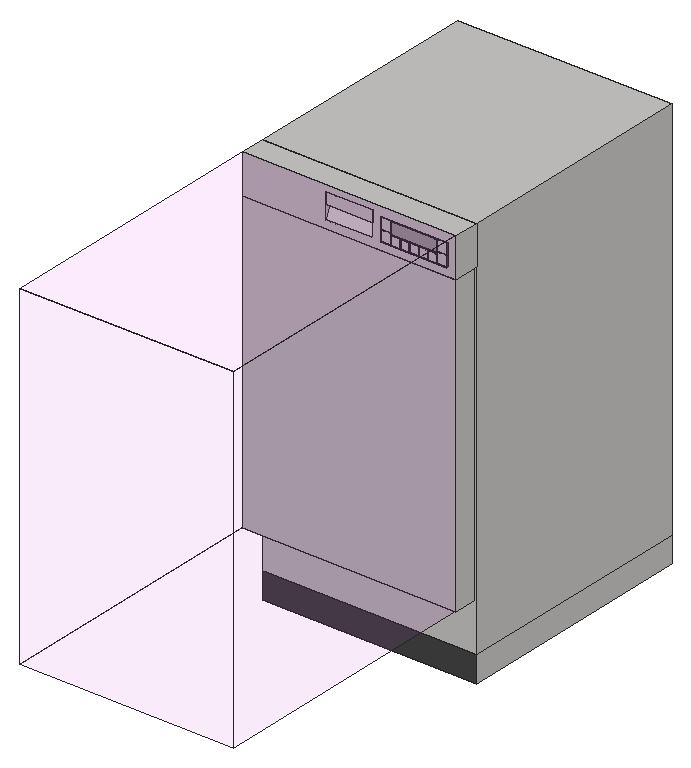
Revit family "QF_Summit_DW18SS4_Dishwasher", category Specialty Equipment, Revit 2020
Family settings
  Round Connector Dimension = Use Diameter
  Part Type = Normal
  Work Plane-Based = No
  Always vertical = Yes
  Cut with Voids When Loaded = No
  Shared = No
  Room Calculation Point = No
Parameters
  Weight in Pounds = 95
  Watts = if(Phase = 3, Volts * FL Amps * 1.73, Volts * FL Amps)  # 1380 W
  Waste Water Discharge Temperature = -459.67 °F
  Volts = 115 V
  URL Cutsheet = ""
  Specification by User = ""
  Specification by Manufacturer = ""
  Show Legs [instance] = yes
  Show Door Clearance [instance] = yes
  Show Default Legs [instance] = not(Show Legs)  # no
  Serial Number = ""
  Seismic Rating = ""
  SMACNA No = ""
  Revision Code = ""
  Plumbing Remarks = ""
  Plumbing Connection Type = ""
  Phase = 1
  Number of Poles = 1
  NAFEM Spec ID Number = ""
  Model = "DW18SS4"
  Min Ckt Ampacity = 0 A
  Max Overcurrent Protection = 0 A
  Masterspec = ""
  Manufacturer = "Summit"
  Length = 17 3/4"
  Item Number = ""
  Installed By = ""
  Indirect Waste Size = 1/2"
  Indirect Waste Flow = 0 GPM
  Indirect Waste Connection Type = ""
  Indirect Waste Connection Height = 0"
  Identify Quantity as Lot = yes
  Height [instance] = if(Show Default Legs, 32 1/2", 34 1/4")  # 34 1/4"
  HP = ""
  Furnished By = ""
  Foodservice Equipment Identifier = yes
  FL Amps = 12 A
  Electrical Remarks = ""
  Electric Connection Type = ""
  Elec Conn RI Height = 0"
  Elec Conn Connection Height = 0"
  Description = "Dishwasher"
  Depth = 22 3/8"
  Default Elevation = 0"
  Cycle = 60 Hz
  Conn Plug = ""
  Conn Conduit = yes
  Cold Water Temperature Recommended = -459.67 °F
  Cold Water Size = 1/2"
  Cold Water RI Height = 0"
  Cold Water Minimum Pressure = 0.00 psi
  Cold Water Maximum Pressure = 0.00 psi
  Cold Water Flow = 0 GPM
  Cold Water Consumption = ""
  Cold Water Connection Height = 0"
  CSI MasterFormat = ""
  Apparent Power = if(Phase = 3, Volts * FL Amps * 1.73, Volts * FL Amps)  # 1380 VA
Reference planes (in)
  plane 1 "BACK": y = 0
  plane 2: z = 0
  plane 3 "LEFT": x = 0
  plane 4 "RIGHT": x = 17.75
  plane 5 "FRONT": y = -22.375
  plane 6 "TOP": z = 34.25
  plane 7 "Center Y": x = 8.875
  plane 8 "Center X": y = -11.1875
  plane 9: y = -20.25
  plane 10: y = -45.5
  plane 11: z = 1.75
  plane 12: z = 2.125
  plane 13: z = 6.25
  plane 14: z = 31
Forms (in)
  Revolve 1, solid, material "QF_Metal_Stainless_Polished", visible <- "Show Default Legs"
    sketch origin (0, -2, 0) x (1, 0, 0) y (0, 0, 1)
      loop
        line (1.73437, 1.75) -> (1.73437, 2.125) -> (1.1733, 2.125) -> (1.1733, 2) -> (1, 2) -> (1, 1.75) -> (1.73437, 1.75)
      axis (1.73437, 2.125) -> (1.73437, 1.75)
    angle from 0 to 360
  Revolve 2, solid, material "QF_Metal_Stainless_Polished", visible <- "Show Default Legs"
    sketch origin (0, -18.25, 0) x (1, 0, 0) y (0, 0, 1)
      loop
        line (1.73437, 1.75) -> (1.73437, 2.125) -> (1.1733, 2.125) -> (1.1733, 2) -> (1, 2) -> (1, 1.75) -> (1.73437, 1.75)
      axis (1.73437, 2.125) -> (1.73437, 1.75)
    angle from 0 to 360
  Revolve 3, solid, material "QF_Metal_Stainless_Polished", visible <- "Show Legs"
    sketch origin (0, -2, 0) x (1, 0, 0) y (0, 0, 1)
      loop
        line (1, 0) -> (1.73437, 0) -> (1.73437, 2.125) -> (1.1733, 2.125) -> (1.1733, 0.25) -> (1, 0.25) -> (1, 0)
      axis (1.73437, 2.125) -> (1.73437, 0)
    angle from 0 to 360
  Revolve 4, solid, material "QF_Metal_Stainless_Polished", visible <- "Show Legs"
    sketch origin (0, -18.25, 0) x (1, 0, 0) y (0, 0, 1)
      loop
        line (1, 0) -> (1.73437, 0) -> (1.73437, 2.125) -> (1.1733, 2.125) -> (1.1733, 0.25) -> (1, 0.25) -> (1, 0)
      axis (1.73437, 2.125) -> (1.73437, 0)
    angle from 0 to 360
  Extrusion 5, solid, material "QF_Metal_Stainless_Polished", visible <- "Show Legs"
    sketch origin (0, 0, 0) x (1, 0, 0) y (0, 1, 0)
      loop
        line (0, 0) -> (0, -20.25) -> (17.75, -20.25) -> (17.75, 0) -> (0, 0)
      loop
        line (0.0625, -20.1875) -> (17.6875, -20.1875) -> (17.6875, -0.0625) -> (0.0625, -0.0625) -> (0.0625, -20.1875)
    from 0 to 2.125
  Revolve 6, solid, material "QF_Metal_Stainless_Polished", visible <- "Show Default Legs"
    sketch origin (17.75, -2, 0) x (-1, 0, 0) y (0, 0, -1)
      loop
        line (1.73437, -1.75) -> (1, -1.75) -> (1, -2) -> (1.1733, -2) -> (1.1733, -2.125) -> (1.73437, -2.125) -> (1.73437, -1.75)
      axis (1.73437, -2.125) -> (1.73437, -1.75)
    angle from 0 to 360
  Revolve 7, solid, material "QF_Metal_Stainless_Polished", visible <- "Show Default Legs"
    sketch origin (17.75, -18.25, 0) x (-1, 0, 0) y (0, 0, -1)
      loop
        line (1.73437, -1.75) -> (1, -1.75) -> (1, -2) -> (1.1733, -2) -> (1.1733, -2.125) -> (1.73437, -2.125) -> (1.73437, -1.75)
      axis (1.73437, -2.125) -> (1.73437, -1.75)
    angle from 0 to 360
  Revolve 8, solid, material "QF_Metal_Stainless_Polished", visible <- "Show Legs"
    sketch origin (17.75, -2, 0) x (-1, 0, 0) y (0, 0, -1)
      loop
        line (1, 0) -> (1, -0.25) -> (1.1733, -0.25) -> (1.1733, -2.125) -> (1.73437, -2.125) -> (1.73437, 0) -> (1, 0)
      axis (1.73437, -2.125) -> (1.73437, 0)
    angle from 0 to 360
  Revolve 9, solid, material "QF_Metal_Stainless_Polished", visible <- "Show Legs"
    sketch origin (17.75, -18.25, 0) x (-1, 0, 0) y (0, 0, -1)
      loop
        line (1, 0) -> (1, -0.25) -> (1.1733, -0.25) -> (1.1733, -2.125) -> (1.73437, -2.125) -> (1.73437, 0) -> (1, 0)
      axis (1.73437, -2.125) -> (1.73437, 0)
    angle from 0 to 360
Dimensions and locks (in)
  equal spacing: plane 3 "LEFT", plane 7 "Center Y", plane 4 "RIGHT"
  "Length": plane 3 "LEFT" to plane 4 "RIGHT"
  equal spacing: plane 5 "FRONT", plane 8 "Center X", plane 1 "BACK"
  "Depth": plane 5 "FRONT" to plane 1 "BACK"
  "Height": plane 6 "TOP" to level
  plane 9 to plane 1 "BACK" = 20 1/4"
  plane 10 to plane 1 "BACK" = 45 1/2"
  plane 6 "TOP" to plane 11 = 32 1/2"
  plane 6 "TOP" to plane 13 = 28"
  plane 12 to plane 11 = 3/8"
  plane 4 "RIGHT" to plane 3 "LEFT" = 17 3/4"
  plane 6 "TOP" to plane 14 = 3 1/4"
  aligned and locked: level to plane 2
  aligned and locked: plane 1 "BACK" to nested 1
  aligned and locked: plane 3 "LEFT" to nested 1
  aligned and locked: plane 12 to Extrusion 5
  aligned and locked: plane 12 to nested 1
Automatic sketch dimensions
  Revolve 1 sketch curve to plane 11 = 0"  (x2)
  Revolve 1 sketch curve to plane 12 = 0"
  Revolve 1 sketch curve to plane 12 = 1/8"
  plane 3 "LEFT" to Revolve 1 sketch curve = 1"
  Revolve 1 sketch curve to Revolve 1 sketch curve = 0.1733"
  Revolve 1 sketch curve to Revolve 1 sketch curve = 0.56107"
  Revolve 1 sketch curve to Revolve 1 sketch curve = 0"
  Revolve 1 sketch curve to plane 11 = 1/4"
  Revolve 2 sketch curve to plane 11 = 0"  (x2)
  Revolve 2 sketch curve to plane 12 = 0"
  Revolve 2 sketch curve to plane 12 = 1/8"
  plane 3 "LEFT" to Revolve 2 sketch curve = 1"
  Revolve 2 sketch curve to Revolve 2 sketch curve = 0.1733"
  Revolve 2 sketch curve to Revolve 2 sketch curve = 0.56107"
  Revolve 2 sketch curve to Revolve 2 sketch curve = 0"
  Revolve 2 sketch curve to plane 11 = 1/4"
  Revolve 3 sketch curve to level = 0"  (x2)
  Revolve 3 sketch curve to plane 12 = 0"
  plane 3 "LEFT" to Revolve 3 sketch curve = 1"
  plane 3 "LEFT" to Revolve 3 sketch curve = 1.1733"
  Revolve 3 sketch curve to Revolve 3 sketch curve = 0.56107"
  level to Revolve 3 sketch curve = 1/4"
  Revolve 3 sketch curve to Revolve 3 sketch curve = 0"
  Revolve 3 sketch curve to level = 1"
  Revolve 4 sketch curve to level = 0"  (x2)
  Revolve 4 sketch curve to plane 12 = 0"
  plane 3 "LEFT" to Revolve 4 sketch curve = 1"
  plane 3 "LEFT" to Revolve 4 sketch curve = 1.1733"
  Revolve 4 sketch curve to Revolve 4 sketch curve = 0.56107"
  level to Revolve 4 sketch curve = 1/4"
  Revolve 4 sketch curve to Revolve 4 sketch curve = 0"
  Revolve 4 sketch curve to level = 1"
  Extrusion 5 sketch curve to plane 3 "LEFT" = 0"
  Extrusion 5 sketch curve to plane 4 "RIGHT" = 0"
  Extrusion 5 sketch curve to plane 9 = 0"
  plane 1 "BACK" to Extrusion 5 sketch curve = 0"
  plane 3 "LEFT" to Extrusion 5 sketch curve = 1/16"
  plane 4 "RIGHT" to Extrusion 5 sketch curve = 1/16"
  plane 9 to Extrusion 5 sketch curve = 1/16"
  plane 1 "BACK" to Extrusion 5 sketch curve = 1/16"
  Revolve 6 sketch curve to plane 11 = 0"  (x2)
  Revolve 6 sketch curve to plane 12 = 0"
  Revolve 6 sketch curve to plane 12 = 1/8"
  plane 4 "RIGHT" to Revolve 6 sketch curve = 1"
  Revolve 6 sketch curve to Revolve 6 sketch curve = 0.1733"
  Revolve 6 sketch curve to Revolve 6 sketch curve = 0.56107"
  Revolve 6 sketch curve to Revolve 6 sketch curve = 0"
  Revolve 6 sketch curve to plane 11 = 1/4"
  Revolve 7 sketch curve to plane 11 = 0"  (x2)
  Revolve 7 sketch curve to plane 12 = 0"
  Revolve 7 sketch curve to plane 12 = 1/8"
  plane 4 "RIGHT" to Revolve 7 sketch curve = 1"
  Revolve 7 sketch curve to Revolve 7 sketch curve = 0.1733"
  Revolve 7 sketch curve to Revolve 7 sketch curve = 0.56107"
  Revolve 7 sketch curve to Revolve 7 sketch curve = 0"
  Revolve 7 sketch curve to plane 11 = 1/4"
  Revolve 8 sketch curve to level = 0"  (x2)
  Revolve 8 sketch curve to plane 12 = 0"
  plane 4 "RIGHT" to Revolve 8 sketch curve = 1"
  plane 4 "RIGHT" to Revolve 8 sketch curve = 1.1733"
  Revolve 8 sketch curve to Revolve 8 sketch curve = 0.56107"
  level to Revolve 8 sketch curve = 1/4"
  Revolve 8 sketch curve to Revolve 8 sketch curve = 0"
  Revolve 8 sketch curve to Revolve 8 sketch curve = 1"
  Revolve 9 sketch curve to level = 0"  (x2)
  Revolve 9 sketch curve to plane 12 = 0"
  plane 4 "RIGHT" to Revolve 9 sketch curve = 1"
  plane 4 "RIGHT" to Revolve 9 sketch curve = 1.1733"
  Revolve 9 sketch curve to Revolve 9 sketch curve = 0.56107"
  level to Revolve 9 sketch curve = 1/4"
  Revolve 9 sketch curve to Revolve 9 sketch curve = 0"
  Revolve 9 sketch curve to Revolve 9 sketch curve = 1"
Nested families (in)
  nested 1: "DW18SS4" at (0, 0, 0), Show Door Clearance <- "Show Door Clearance", type "DW18SS4"
    with Show Door Clearance yes, Height 34 1/4"
Connectors (in)
  electrical at (3.03371, 0.25, 3.73901), driven by "Volts", driven by "Watts"
    settings: on nested 1, index 1, voltage 115 V, apparent load 1380 VA, apparent load phase1 0 VA, apparent load phase2 0 VA, apparent load phase3 0 VA, power factor 1, load classification "Other", number of poles 1, system type 30, power factor state 1, is connector primary yes, connector utility no, sub classification motor no, connector description "Electrical Connection"
  piping at (8.875, 0.25, 3.73901), diameter 0.5
    settings: on nested 1, index 2, connector inside diameter 24", connector length 0", flow factor 0, pipe flow 0 GPM, pressure drop 0.00 psi, fitting loss kfactor 0, connector angle 0.00°, fixture units 0, engagement length 0", angle of deflection 0.00°, flow configuration 1, flow direction 2, fitting loss method 0, system type 16, joint type 0, gender type 0, connector reference index -1, connector utility 0, adjustable connector no, is connector primary yes, connector description "Drain Connection"
  piping at (11.28371, 0.25, 3.73901), diameter 0.5
    settings: on nested 1, index 3, connector inside diameter 24", connector length 0", flow factor 0, pipe flow 0 GPM, pressure drop 0.00 psi, fitting loss kfactor 0, connector angle 0.00°, fixture units 0, engagement length 0", angle of deflection 0.00°, flow configuration 1, flow direction 1, fitting loss method 0, system type 20, joint type 0, gender type 0, connector reference index -1, connector utility 0, adjustable connector no, is connector primary no, connector description "Water Connection"
Definition of nested family "DW18SS4"
  Parameters (values of type "DW18SS4")
    Weight in Pounds = 0
    Watts = if(Phase = 3, Volts * FL Amps * 1.73, Volts * FL Amps)  # 0 W
    Volts = 0 V
    URL Cutsheet = ""
    Specification by User = ""
    Specification by Manufacturer = ""
    Show Door Clearance [instance] = yes
    Serial Number = ""
    Seismic Rating = ""
    SMACNA No = ""
    Revision Code = ""
    Phase = 0
    Number of Poles = 1
    NAFEM Spec ID Number = ""
    Min Ckt Ampacity = 0 A
    Max Overcurrent Protection = 0 A
    Masterspec = ""
    Length = 17 3/4"
    Item Number = ""
    Installed By = ""
    Identify Quantity as Lot = yes
    Height [instance] = 34 1/4"
    HP = ""
    Furnished By = ""
    Foodservice Equipment Identifier = yes
    FL Amps = 0 A
    Electrical Remarks = ""
    Electric Connection Type = ""
    Elec Conn RI Height = 0"
    Elec Conn Connection Height = 0"
    Depth = 22 3/8"
    Default Elevation = 0"
    Cycle = 0 Hz
    Conn Plug = ""
    Conn Conduit = yes
    CSI MasterFormat = ""
    Apparent Power = if(Phase = 3, Volts * FL Amps * 1.73, Volts * FL Amps)  # 0 VA
  Reference planes (in)
    plane 1 "BACK": y = 0
    plane 2: z = 0
    plane 3 "LEFT": x = 0
    plane 4 "RIGHT": x = 17.75
    plane 5 "FRONT": y = -22.375
    plane 6 "TOP": z = 34.25
    plane 7 "Center Y": x = 8.875
    plane 8 "Center X": y = -11.1875
    plane 9: y = -20.25
    plane 10: y = -45.5
    plane 11: z = 1.75
    plane 12: z = 2.125
    plane 13: z = 6.25
    plane 14: z = 31
  Forms (in)
    Extrusion 1, solid
      sketch origin (-8.01619, -180, 2.125) x (-1, 0, 0) y (0, -1, 0)
        loop
          line (-8.01619, -180) -> (-8.01619, -159.75) -> (-25.76619, -159.75) -> (-25.76619, -180) -> (-8.01619, -180)
      from 0 to 32.125
    Extrusion 2, solid
      sketch origin (-9.94716, -22.5, 48) x (-1, 0, 0) y (0, 0, 1)
        loop
          line (-9.94716, -17) -> (-27.69716, -17) -> (-27.69716, -41.75) -> (-9.94716, -41.75) -> (-9.94716, -17)
      from 0.125 to 2
    Extrusion 3, solid
      sketch origin (-9.94716, -20.5, 48) x (-1, 0, 0) y (0, 0, 1)
        loop
          line (-10.44716, -17.5) -> (-27.19716, -17.5) -> (-27.19716, -41.25) -> (-10.44716, -41.25) -> (-10.44716, -17.5)
      from 0 to 0.25
    Extrusion 4, solid
      sketch origin (4.90379, 0, 0) x (1, 0, 0) y (0, 0, 1)
        loop
          circle (3.97121, 3.73901) r 0.5
      from 0 to -0.25
    Extrusion 5, solid
      sketch origin (7.3125, 0, 0) x (1, 0, 0) y (0, 0, 1)
        loop
          circle (3.97121, 3.73901) r 0.5
      from 0 to -0.25
    Extrusion 6, solid
      sketch origin (-0.96875, 0, 0) x (1, 0, 0) y (0, 0, 1)
        loop
          circle (4.00246, 3.73901) r 0.34934
      from 0 to -0.25
    Extrusion 7, solid, visible <- "Show Door Clearance"
      sketch origin (-8.01619, -180, 5.875) x (-1, 0, 0) y (0, -1, 0)
        loop
          line (-8.01619, -157.625) -> (-8.01619, -134.5) -> (-25.76619, -134.5) -> (-25.76619, -157.625) -> (-8.01619, -157.625)
      from 0.375 to 28.375
    Extrusion 8, solid
      sketch origin (17.5, -20.25, 2.125) x (-1, 0, 0) y (0, 0, -1)
        loop
          line (17.5, -32.125) -> (17.5, -28.875) -> (-0.25, -28.875) -> (-0.25, -32.125) -> (17.5, -32.125)
      from 0 to 2.125
    Extrusion 9, solid
      sketch origin (17.5, -22.375, 2.125) x (-1, 0, 0) y (0, 0, -1)
        loop
          line (5.98659, -31.38651) -> (5.98659, -30.44901) -> (5.98659, -29.54276) -> (0.48659, -29.54276) -> (0.48659, -30.44901) -> (0.48659, -31.38651) -> (5.98659, -31.38651)
        loop
          line (5.14456, -30.26151) -> (5.14456, -29.57401) -> (4.38884, -29.57401) -> (4.38884, -30.26151) -> (5.14456, -30.26151)
        loop
          line (3.63884, -30.26151) -> (4.35759, -30.26151) -> (4.35759, -29.57401) -> (3.63884, -29.57401) -> (3.63884, -30.26151)
        loop
          line (5.17581, -31.35526) -> (5.95534, -31.35526) -> (5.95534, -30.48026) -> (5.17581, -30.48026) -> (5.17581, -31.35526)
        loop
          line (5.17581, -29.57401) -> (5.17581, -30.44901) -> (5.95534, -30.44901) -> (5.95534, -29.57401) -> (5.17581, -29.57401)
        loop
          line (3.60759, -30.26151) -> (3.60759, -29.57401) -> (2.86558, -29.57401) -> (2.86558, -30.26151) -> (3.23659, -30.26151) -> (3.60759, -30.26151)
        loop
          line (5.14456, -31.35526) -> (5.14456, -30.29276) -> (1.32862, -30.29276) -> (1.32862, -31.35526) -> (3.23826, -31.35526) -> (5.14456, -31.35526)
        loop
          line (1.32862, -30.26151) -> (2.08433, -30.26151) -> (2.08433, -29.57401) -> (1.32862, -29.57401) -> (1.32862, -30.26151)
        loop
          line (2.83433, -30.26151) -> (2.83433, -29.57401) -> (2.11558, -29.57401) -> (2.11558, -30.26151) -> (2.83433, -30.26151)
        loop
          line (1.29737, -31.35526) -> (1.29737, -30.48026) -> (0.51784, -30.48026) -> (0.51784, -31.35526) -> (1.29737, -31.35526)
        loop
          line (1.29737, -29.57401) -> (0.51784, -29.57401) -> (0.51784, -30.44901) -> (1.29737, -30.44901) -> (1.29737, -29.57401)
      from 0 to 0.03125
    Extrusion 10, solid
      sketch origin (17.5, -22.375, 2.125) x (-1, 0, 0) y (0, 0, -1)
        loop
          line (5.95534, -31.35526) -> (5.95534, -30.48026) -> (5.17581, -30.48026) -> (5.17581, -31.35526) -> (5.95534, -31.35526)
        loop
          line (5.17581, -30.44901) -> (5.95534, -30.44901) -> (5.95534, -29.57401) -> (5.17581, -29.57401) -> (5.17581, -30.44901)
        loop
          line (4.38884, -30.26151) -> (5.14456, -30.26151) -> (5.14456, -29.57401) -> (4.38884, -29.57401) -> (4.38884, -30.26151)
        loop
          line (4.35759, -30.26151) -> (4.35759, -29.57401) -> (3.63884, -29.57401) -> (3.63884, -30.26151) -> (4.35759, -30.26151)
        loop
          line (2.86558, -30.26151) -> (3.60759, -30.26151) -> (3.60759, -29.57401) -> (2.86558, -29.57401) -> (2.86558, -30.26151)
        loop
          line (2.83433, -30.26151) -> (2.83433, -29.57401) -> (2.11558, -29.57401) -> (2.11558, -30.26151) -> (2.83433, -30.26151)
        loop
          line (2.08433, -30.26151) -> (2.08433, -29.57401) -> (1.32862, -29.57401) -> (1.32862, -30.26151) -> (2.08433, -30.26151)
        loop
          line (0.51784, -29.57401) -> (0.51784, -30.44901) -> (1.29737, -30.44901) -> (1.29737, -29.57401) -> (0.51784, -29.57401)
        loop
          line (0.51784, -31.35526) -> (1.29737, -31.35526) -> (1.29737, -30.48026) -> (0.51784, -30.48026) -> (0.51784, -31.35526)
      from 0 to 0.03125
    Extrusion 11, solid
      sketch origin (17.71382, -22.375, 2.125) x (-1, 0, 0) y (0, 0, -1)
        loop
          line (5.35838, -31.35526) -> (5.35838, -30.29276) -> (1.54244, -30.29276) -> (1.54244, -31.35526) -> (5.35838, -31.35526)
      from 0 to 0.03125
    Extrusion 12, void
      sketch origin (8.875, 6.90541, 48) x (0, 1, 0) y (0, 0, 1)
        loop
          line (-29.28041, -14.25) -> (-29.28041, -16.33224) -> (-28.43913, -14.25) -> (-29.28041, -14.25)
      from -1.97846 to 1.97656
    Extrusion 13, solid
      sketch origin (17.5, -22.375, 2.125) x (-1, 0, 0) y (0, 0, -1)
        loop
          line (10.60346, -31.625) -> (10.60346, -30.67763) -> (6.64844, -30.67763) -> (6.64844, -31.625) -> (10.60346, -31.625)
      from 0 to -0.0625
  Cuts and joins
    Extrusion 12 cuts Extrusion 8
  Lines and regions (in)
    Split face 1
      outline origin (17.5, -20.25, 2.125) x (-1, 0, 0) y (0, 0, -1)
        loop
          line (17.5, -4.125) -> (-0.25, -4.125)
    symbolic lines
      curve 1: line (0, 0, 0) -> (17.75, 0, 0)
      curve 2: line (0, -22.375, 0) -> (0, 0, 0)
      curve 3: line (17.75, -22.375, 0) -> (0, -22.375, 0)
      curve 4: line (17.75, 0, 0) -> (17.75, -22.375, 0)
      curve 5: line (17.75, -20.25, 0) -> (0, -20.25, 0)
    symbolic lines, visible <- "Show Door Clearance"
      curve 6: line (0, -22.375, 0) -> (0, -45.5, 0)
      curve 7: line (0, -45.5, 0) -> (17.75, -45.5, 0)
      curve 8: line (17.75, -45.5, 0) -> (17.75, -22.375, 0)
  Dimensions and locks (in)
    equal spacing: plane 3 "LEFT", plane 7 "Center Y", plane 4 "RIGHT"
    "Length": plane 3 "LEFT" to plane 4 "RIGHT"
    equal spacing: plane 5 "FRONT", plane 8 "Center X", plane 1 "BACK"
    "Depth": plane 5 "FRONT" to plane 1 "BACK"
    "Height": plane 6 "TOP" to level
    plane 9 to plane 1 "BACK" = 20 1/4"
    plane 10 to plane 1 "BACK" = 45 1/2"
    plane 6 "TOP" to plane 11 = 32 1/2"
    plane 6 "TOP" to plane 13 = 28"
    plane 12 to plane 11 = 3/8"
    plane 4 "RIGHT" to plane 3 "LEFT" = 17 3/4"
    plane 6 "TOP" to plane 14 = 3 1/4"
    aligned and locked: level to plane 2
  Automatic sketch dimensions
    plane 1 "BACK" to Extrusion 1 sketch curve = 0"
    Extrusion 1 sketch curve to plane 4 "RIGHT" = 0"
    Extrusion 1 sketch curve to plane 3 "LEFT" = 0"
    Extrusion 1 sketch curve to plane 9 = 0"
    plane 4 "RIGHT" to Extrusion 2 sketch curve = 0"
    Extrusion 2 sketch curve to plane 3 "LEFT" = 0"
    Extrusion 2 sketch curve to plane 13 = 0"
    Extrusion 2 sketch curve to plane 14 = 0"
    Extrusion 3 sketch curve to Extrusion 2 = 1/2"  (x4)
    plane 12 to Extrusion 4 sketch curve = 1.61401"
    plane 3 "LEFT" to Extrusion 4 sketch curve = 8 7/8"
    plane 7 "Center Y" to Extrusion 5 sketch curve = 2.40871"
    plane 12 to Extrusion 5 sketch curve = 1.61401"
    Extrusion 6 sketch curve to plane 7 "Center Y" = 5.84129"
    plane 12 to Extrusion 6 sketch curve = 1.61401"
    Extrusion 7 sketch curve to plane 4 "RIGHT" = 0"
    Extrusion 7 sketch curve to plane 3 "LEFT" = 0"
    plane 5 "FRONT" to Extrusion 7 sketch curve = 0"
    Extrusion 7 sketch curve to plane 10 = 0"
    Extrusion 8 sketch curve to Extrusion 1 = 0"  (x3)
    Extrusion 1 to Extrusion 8 sketch curve = 3 1/4"
    Extrusion 9 sketch curve to Extrusion 8 = 0.73659"
    Extrusion 9 sketch curve to Extrusion 9 sketch curve = 1/32"  (x15)
    Extrusion 9 sketch curve to Extrusion 9 sketch curve = 0"  (x11)
    Extrusion 9 sketch curve to Extrusion 9 sketch curve = 0.77953"  (x2)
    Extrusion 9 sketch curve to Extrusion 9 sketch curve = 0.75572"  (x2)
    Extrusion 9 sketch curve to Extrusion 9 sketch curve = 23/32"  (x2)
    Extrusion 9 sketch curve to Extrusion 9 sketch curve = 0.371"
    Extrusion 9 sketch curve to Extrusion 9 sketch curve = 0.00168"
    Extrusion 9 sketch curve to Extrusion 9 sketch curve = 0.74201"
    Extrusion 9 sketch curve to Extrusion 8 = 0.73849"
    Extrusion 9 sketch curve to Extrusion 8 = 0.76974"  (x2)
    Extrusion 9 sketch curve to Extrusion 9 sketch curve = 7/8"  (x2)
    Extrusion 9 sketch curve to Extrusion 9 sketch curve = 5/32"
    Extrusion 9 sketch curve to Extrusion 9 sketch curve = 11/16"  (x4)
    Extrusion 9 sketch curve to Extrusion 8 = 0.69901"  (x2)
    Extrusion 10 sketch curve to Extrusion 8 = 0.76784"
    Extrusion 10 sketch curve to Extrusion 10 sketch curve = 0"  (x9)
    Extrusion 10 sketch curve to Extrusion 10 sketch curve = 0.77953"  (x2)
    Extrusion 10 sketch curve to Extrusion 10 sketch curve = 1/32"  (x9)
    Extrusion 10 sketch curve to Extrusion 10 sketch curve = 0.75572"  (x2)
    Extrusion 10 sketch curve to Extrusion 10 sketch curve = 23/32"  (x2)
    Extrusion 10 sketch curve to Extrusion 10 sketch curve = 0.74201"
    Extrusion 10 sketch curve to Extrusion 8 = 0.76974"  (x2)
    Extrusion 10 sketch curve to Extrusion 10 sketch curve = 7/8"  (x2)
    Extrusion 10 sketch curve to Extrusion 8 = 1.38651"
    Extrusion 10 sketch curve to Extrusion 10 sketch curve = 3/16"
    Extrusion 10 sketch curve to Extrusion 10 sketch curve = 11/16"  (x2)
    Extrusion 10 sketch curve to Extrusion 8 = 0.69901"  (x2)
    Extrusion 11 sketch curve to Extrusion 8 = 0.76974"
    Extrusion 11 sketch curve to Extrusion 8 = 1.57862"
    Extrusion 11 sketch curve to Extrusion 8 = 1.41776"
    Extrusion 11 sketch curve to Extrusion 11 sketch curve = 3.81594"
    Extrusion 12 sketch curve to plane 5 "FRONT" = 0"
    plane 14 to Extrusion 12 sketch curve = 0.66776"
    Extrusion 12 sketch curve to plane 6 "TOP" = 1/2"
    Extrusion 12 sketch curve to plane 5 "FRONT" = 0.84128"
    Extrusion 13 sketch curve to Extrusion 8 = 1/2"
    Extrusion 13 sketch curve to Extrusion 8 = 6 115/128"
    Extrusion 13 sketch curve to Extrusion 8 = 1.44737"
    Extrusion 13 sketch curve to Extrusion 13 sketch curve = 3.95502"
    plane 1 "BACK" to curve 1 = 0"
    curve 1 to plane 3 "LEFT" = 0"
    curve 8 to plane 4 "RIGHT" = 0"
    curve 7 to plane 10 = 0"
    plane 5 "FRONT" to curve 8 = 0"
    curve 5 to plane 9 = 0"
    Split face 1 sketch curve to Extrusion 1 = 0"
    Extrusion 1 to Split face 1 sketch curve = 0"
    Split face 1 sketch curve to Extrusion 1 = 4 1/8"
    radius of Extrusion 4 sketch curve = 1/2"
    radius of Extrusion 5 sketch curve = 1/2"
    radius of Extrusion 6 sketch curve = 0.34934"
